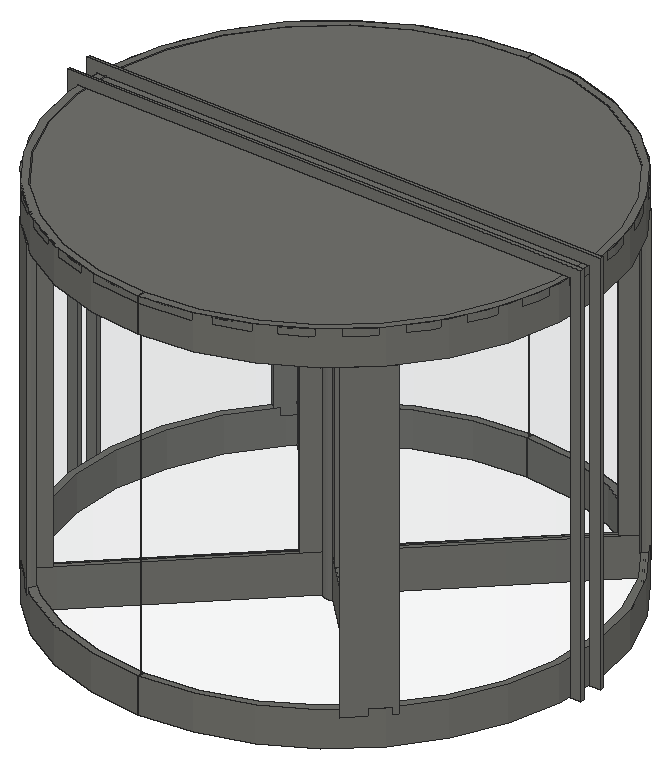
Revit family "DSP_A3-Revolving-Doors-3600mm", category Doors, host Wall, Revit 2016
Family settings
  Host = Wall
  Always vertical = Yes
  Cut with Voids When Loaded = No
  Shared = No
  Room Calculation Point = No
Parameters (values of type "Type 1")
  Function = Interior
  Frame Projection Ext. = 25.4 mm
  Frame Projection Int. = 25.4 mm
  Frame Width = 76.2 mm
  Height = 2743.2 mm
  Wall Closure = By host
  Width = 2235.2 mm
  Assembly Code = ""
Reference planes
  plane 1 "Center (Front/Back)": y = 0
  plane 2 "Center (Left/Right)": x = 0
  plane 3 "Left": x = -1117.6
  plane 4 "Right": x = 1117.6
  plane 5 "Top": z = 2743.2
  plane 6: z = 203.2
  plane 7: z = 1371.6
  plane 8: through (0, 0, 0) normal (-0.7071, -0.7071, 0)
  plane 9: through (0, 0, 0) normal (0.7071, -0.7071, 0)
Forms (mm)
  Extrusion 1, solid, material "Aluminium"
    sketch origin (-1620.573, 76.2, 0) x (-1, 0, 0) y (0, 0, 1)
      loop
        line (-3420.573, 2743.2) -> (179.427, 2743.2) -> (179.427, 0) -> (255.627, 0) -> (255.627, 2819.4) -> (-3496.773, 2819.4) -> (-3496.773, 0) -> (-3420.573, 0) -> (-3420.573, 2743.2)
    from 0 to 25.4
  Extrusion 2, solid, material "Aluminium"
    sketch origin (-1620.573, -76.2, 0) x (1, 0, 0) y (0, 0, 1)
      loop
        line (-179.427, 2743.2) -> (3420.573, 2743.2) -> (3420.573, 0) -> (3496.773, 0) -> (3496.773, 2819.4) -> (-255.627, 2819.4) -> (-255.627, 0) -> (-179.427, 0) -> (-179.427, 2743.2)
    from 0 to 25.4
  Extrusion 3, solid, material "Aluminium"
    sketch origin (0, 0, 0) x (1, 0, 0) y (0, 1, 0)
      loop
        arc (-1144.536, 1388.645) -> (-1269.724, 1275.171) -> (-1383.717, 1150.455) r 1799.4
        line (-1383.717, 1150.455) -> (-1344.384, 1118.303)
        arc (-1344.384, 1118.303) -> (-1233.729, 1239.324) -> (-1112.223, 1349.447) r 1748.6
        line (-1112.223, 1349.447) -> (-1144.536, 1388.645)
    from 203.2 to 2489.2
  Sweep 4, solid, material "Aluminium"
    path origin (0, 0, 0) x (-1, 0, 0) y (0, -1, 0)
      loop
        arc (0, -1774.165) -> (1774, -0.165) -> (0, 1773.835) r 1774
    profile origin (0, 0.165, 0) x (1, 0, 0) y (0, 0, 1)
      loop
        line (-1799.4, 2743.2) -> (-1799.4, 2489.2) -> (-1748.6, 2489.2) -> (-1748.6, 2743.2) -> (-1799.4, 2743.2)
  Extrusion 5, solid, material "Glass"
    sketch origin (0, 0, 0) x (1, 0, 0) y (0, 1, 0)
      loop
        line (0, 1768.165) -> (0, 1780.165)
        arc (0, 1780.165) -> (-1780, 0.165) -> (0, -1779.835) r 1780
        line (0, -1779.835) -> (0, -1767.835)
        arc (0, -1767.835) -> (-1768, 0.165) -> (0, 1768.165) r 1768
    from 203.2 to 2489.2
  Extrusion 6, solid, material "Aluminium"
    sketch origin (0, 0, 0) x (1, 0, 0) y (0, 1, 0)
      loop
        circle (0, 0.165) r 1799.4
    from 2692.4 to 2743.2
  Extrusion 7, solid, material "Aluminium"
    sketch origin (0, 0.195, 0) x (1, 0, 0) y (0, 1, 0)
      loop
        line (-1144.47, -1388.565) -> (-1112.157, -1349.367)
        arc (-1112.157, -1349.367) -> (-1233.662, -1239.256) -> (-1344.318, -1118.248) r 1748.6
        line (-1344.318, -1118.248) -> (-1383.65, -1150.401)
        arc (-1383.65, -1150.401) -> (-1269.657, -1275.103) -> (-1144.47, -1388.565) r 1799.4
    from 203.2 to 2489.2
  Extrusion 8, solid, material "Aluminium"
    sketch origin (0, 0, 0) x (1, 0, 0) y (0, 1, 0)
      loop
        line (-1215.825, 1251.978) -> (-1251.86, 1215.943) -> (-76.082, 40.165) -> (-40.047, 76.2) -> (-1215.825, 1251.978)
    from 12.7 to 292.1
  Extrusion 9, solid, material "Aluminium"
    sketch origin (0, 0, 0) x (1, 0, 0) y (0, 1, 0)
      loop
        line (-1215.825, 1251.978) -> (-1251.86, 1215.943) -> (-76.082, 40.165) -> (-40.047, 76.2) -> (-1215.825, 1251.978)
    from 2476.5 to 2679.7
  Extrusion 10, solid, material "Aluminium"
    sketch origin (0, 0, 0) x (1, 0, 0) y (0, 1, 0)
      loop
        line (-75.968, 40.279) -> (-40.163, 76.084) -> (-126.877, 162.798) -> (-162.682, 126.993) -> (-75.968, 40.279)
      loop
        line (-1215.825, 1251.978) -> (-1251.746, 1216.057) -> (-1166.831, 1131.142) -> (-1130.91, 1167.063) -> (-1215.825, 1251.978)
    from 292.1 to 2476.5
  Extrusion 11, solid, material "Glass"
    sketch origin (0, 0, 0) x (1, 0, 0) y (0, 1, 0)
      loop
        line (-1144.38, 1153.593) -> (-1153.361, 1144.612) -> (-149.21, 140.462) -> (-140.23, 149.442) -> (-1144.38, 1153.593)
    from 292.1 to 2463.8
  Extrusion 12, solid, material "Aluminium"
    sketch origin (0, 0, 0) x (1, 0, 0) y (0, 1, 0)
      loop
        circle (0, 0) r 76.365
      loop
        circle (0, 0) r 65.197
    from 0 to 2692.4
  Extrusion 13, solid, material "Aluminium"
    sketch origin (0, 0.195, 0) x (1, 0, 0) y (0, 1, 0)
      loop
        line (-1215.922, -1252.075) -> (-40.047, -76.2) -> (-75.968, -40.279) -> (-1251.844, -1216.154) -> (-1215.922, -1252.075)
    from 12.7 to 292.1
  Extrusion 14, solid, material "Aluminium"
    sketch origin (0, 0.195, 0) x (1, 0, 0) y (0, 1, 0)
      loop
        line (-1215.922, -1252.075) -> (-40.047, -76.2) -> (-75.968, -40.279) -> (-1251.844, -1216.154) -> (-1215.922, -1252.075)
    from 2476.5 to 2679.7
  Extrusion 15, solid, material "Aluminium"
    sketch origin (0, 0.195, 0) x (1, 0, 0) y (0, 1, 0)
      loop
        line (-75.968, -40.279) -> (-162.681, -126.992) -> (-126.778, -162.894) -> (-40.065, -76.182) -> (-75.968, -40.279)
      loop
        line (-1215.922, -1252.075) -> (-1131, -1167.153) -> (-1166.921, -1131.232) -> (-1251.844, -1216.154) -> (-1215.922, -1252.075)
    from 292.1 to 2476.5
  Extrusion 16, solid, material "Glass"
    sketch origin (0, 0.195, 0) x (1, 0, 0) y (0, 1, 0)
      loop
        line (-1144.47, -1153.682) -> (-140.23, -149.442) -> (-149.21, -140.462) -> (-1153.45, -1144.702) -> (-1144.47, -1153.682)
    from 292.1 to 2463.8
  Sweep 17, solid, material "Aluminium"
    path origin (0, 0, -2489.2) x (-1, 0, 0) y (0, -1, 0)
      loop
        arc (0, -1774.165) -> (1774, -0.165) -> (0, 1773.835) r 1774
    profile origin (0, 0.165, 0) x (1, 0, 0) y (0, 0, 1)
      loop
        line (-1799.4, 254) -> (-1799.4, 0) -> (-1748.6, 0) -> (-1748.6, 254) -> (-1799.4, 254)
  Extrusion 18, solid, material "Aluminium"
    sketch origin (0, 0, 0) x (-1, 0, 0) y (0, -1, 0)
      loop
        line (-1144.536, -1388.645) -> (-1112.223, -1349.447)
        arc (-1112.223, -1349.447) -> (-1233.729, -1239.324) -> (-1344.384, -1118.303) r 1748.6
        line (-1344.384, -1118.303) -> (-1383.717, -1150.455)
        arc (-1383.717, -1150.455) -> (-1269.724, -1275.171) -> (-1144.536, -1388.645) r 1799.4
    from 203.2 to 2489.2
  Sweep 19, solid, material "Aluminium"
    path origin (0, 0, 0) x (1, 0, 0) y (0, 1, 0)
      loop
        arc (0, 1774.165) -> (1774, 0.165) -> (0, -1773.835) r 1774
    profile origin (0, 0.165, 0) x (1, 0, 0) y (0, 0, 1)
      loop
        line (1799.4, 2743.2) -> (1748.6, 2743.2) -> (1748.6, 2489.2) -> (1799.4, 2489.2) -> (1799.4, 2743.2)
  Extrusion 20, solid, material "Glass"
    sketch origin (0, 0, 0) x (-1, 0, 0) y (0, -1, 0)
      loop
        arc (0, -1768.165) -> (-1768, -0.165) -> (0, 1767.835) r 1768
        line (0, 1767.835) -> (0, 1779.835)
        arc (0, 1779.835) -> (-1780, -0.165) -> (0, -1780.165) r 1780
        line (0, -1780.165) -> (0, -1768.165)
    from 203.2 to 2489.2
  Extrusion 21, solid, material "Aluminium"
    sketch origin (0, 0.195, 0) x (-1, 0, 0) y (0, -1, 0)
      loop
        arc (-1144.47, 1388.565) -> (-1269.657, 1275.103) -> (-1383.65, 1150.401) r 1799.4
        line (-1383.65, 1150.401) -> (-1344.318, 1118.248)
        arc (-1344.318, 1118.248) -> (-1233.662, 1239.256) -> (-1112.157, 1349.367) r 1748.6
        line (-1112.157, 1349.367) -> (-1144.47, 1388.565)
    from 203.2 to 2489.2
  Sweep 22, solid, material "Aluminium"
    path origin (0, 0, -2489.2) x (1, 0, 0) y (0, 1, 0)
      loop
        arc (0, 1774.165) -> (1774, 0.165) -> (0, -1773.835) r 1774
    profile origin (0, 0.165, 0) x (1, 0, 0) y (0, 0, 1)
      loop
        line (1799.4, 254) -> (1748.6, 254) -> (1748.6, 0) -> (1799.4, 0) -> (1799.4, 254)
  Extrusion 23, solid, material "Aluminium"
    sketch origin (0, 0, 0) x (-1, 0, 0) y (0, -1, 0)
      loop
        line (-1215.825, -1251.978) -> (-40.047, -76.2) -> (-76.082, -40.165) -> (-1251.86, -1215.943) -> (-1215.825, -1251.978)
    from 12.7 to 292.1
  Extrusion 24, solid, material "Aluminium"
    sketch origin (0, 0, 0) x (-1, 0, 0) y (0, -1, 0)
      loop
        line (-1251.746, -1216.056) -> (-1215.941, -1251.862) -> (-40.163, -76.084) -> (-75.968, -40.279) -> (-1251.746, -1216.056)
    from 2476.5 to 2679.7
  Extrusion 25, solid, material "Aluminium"
    sketch origin (0, 0, 0) x (-1, 0, 0) y (0, -1, 0)
      loop
        line (-75.968, -40.279) -> (-162.682, -126.993) -> (-126.877, -162.798) -> (-40.163, -76.084) -> (-75.968, -40.279)
      loop
        line (-1215.825, -1251.978) -> (-1130.91, -1167.063) -> (-1166.831, -1131.142) -> (-1251.746, -1216.057) -> (-1215.825, -1251.978)
    from 292.1 to 2476.5
  Extrusion 26, solid, material "Glass"
    sketch origin (0, 0, 0) x (-1, 0, 0) y (0, -1, 0)
      loop
        line (-1144.38, -1153.593) -> (-140.23, -149.442) -> (-149.21, -140.462) -> (-1153.361, -1144.612) -> (-1144.38, -1153.593)
    from 292.1 to 2463.8
  Extrusion 27, solid, material "Aluminium"
    sketch origin (0, 0, 0) x (-1, 0, 0) y (0, -1, 0)
      loop
        line (-1215.825, 1251.978) -> (-1251.86, 1215.943) -> (-76.082, 40.165) -> (-40.047, 76.2) -> (-1215.825, 1251.978)
    from 12.7 to 292.1
  Extrusion 28, solid, material "Aluminium"
    sketch origin (0, 0, 0) x (-1, 0, 0) y (0, -1, 0)
      loop
        line (-1251.746, 1216.056) -> (-75.968, 40.279) -> (-40.163, 76.084) -> (-1215.941, 1251.862) -> (-1251.746, 1216.056)
    from 2476.5 to 2679.7
  Extrusion 29, solid, material "Aluminium"
    sketch origin (0, 0, 0) x (-1, 0, 0) y (0, -1, 0)
      loop
        line (-75.968, 40.279) -> (-40.163, 76.084) -> (-126.877, 162.798) -> (-162.682, 126.993) -> (-75.968, 40.279)
      loop
        line (-1215.825, 1251.978) -> (-1251.746, 1216.057) -> (-1166.831, 1131.142) -> (-1130.91, 1167.063) -> (-1215.825, 1251.978)
    from 292.1 to 2476.5
  Extrusion 30, solid, material "Glass"
    sketch origin (0, 0, 0) x (-1, 0, 0) y (0, -1, 0)
      loop
        line (-1144.38, 1153.593) -> (-1153.361, 1144.612) -> (-149.21, 140.462) -> (-140.23, 149.442) -> (-1144.38, 1153.593)
    from 292.1 to 2463.8
Lines and regions (mm)
  Opening 1
    outline origin (-1620.573, -76.2, 0) x (1, 0, 0) y (0, 0, 1)
      loop
        line (-179.427, 0) -> (3420.573, 0) -> (3420.573, 2743.2) -> (-179.427, 2743.2) -> (-179.427, 0)
  symbolic lines, style "Elevation Swing"
    curve 1: line (1117.6, 76.2, 0) -> (-1117.6, 76.2, 1371.6)
    curve 2: line (-1117.6, 76.2, 1371.6) -> (1117.6, 76.2, 2743.2)
  symbolic lines
    curve 3: line (-855.768, 718.897, 0) -> (-816.866, 686.227, 0)
    curve 4: line (-855.768, -718.702, 0) -> (-816.866, -686.032, 0)
Text (mm)
  text "Exterior" at (-1490.41, 693.701, 0), in view "Floor Line"
  text "Interior" at (-1482.03, -638.649, 0), in view "Floor Line"
  text "Exterior" at (0, 1019.848, 3124.603), in view "Right"
  text "Interior" at (0, -1635.541, 3124.603), in view "Right"
  text "Interior" at (0, -787.806, 3124.376), in view "Left"
  text "Exterior" at (0, 1386.095, 3124.376), in view "Left"
Dimensions and locks
  equal spacing: plane 3 "Left", plane 2 "Center (Left/Right)", plane 4 "Right"
  "Height": level to plane 5 "Top"
  "Width": plane 3 "Left" to plane 4 "Right"
  "Frame Width": Extrusion 2 sketch curve to plane 5 "Top"
  "Frame Width": Extrusion 1 sketch curve to Extrusion 1 sketch curve  (x2)
  "Frame Width": Extrusion 1 sketch curve to plane 5 "Top"
  equal spacing: host wall, curve 2, plane 5 "Top"
  "Frame Projection Int.": Extrusion 2 to host wall
  "Frame Projection Ext.": Extrusion 1 to host wall
  Extrusion 8 sketch curve to plane 9 = 1745 mm
  plane 9 to Extrusion 8 sketch curve = 82.199 mm
  Extrusion 8 sketch curve to plane 8 = 25.397 mm
  plane 8 to Extrusion 8 sketch curve = 25.564 mm
  plane 9 to Extrusion 13 sketch curve = 25.374 mm
  Extrusion 13 sketch curve to plane 9 = 25.426 mm
  Extrusion 13 sketch curve to plane 8 = 82.061 mm
  plane 8 to Extrusion 13 sketch curve = 1745 mm
  Extrusion 7 sketch curve to plane 1 "Center (Front/Back)" = 1118.053 mm
  Extrusion 7 sketch curve to plane 2 "Center (Left/Right)" = 1344.318 mm
  Extrusion 7 sketch curve to plane 2 "Center (Left/Right)" = 1383.65 mm
  Extrusion 7 sketch curve to plane 1 "Center (Front/Back)" = 1150.206 mm
  Extrusion 3 sketch curve to plane 8 = 164.941 mm
  plane 9 to Extrusion 3 sketch curve = 1741.383 mm
  plane 9 to Extrusion 3 sketch curve = 1791.93 mm
  plane 1 "Center (Front/Back)" to Extrusion 11 sketch curve = 140.462 mm
  plane 1 "Center (Front/Back)" to Extrusion 11 sketch curve = 149.442 mm
  Extrusion 11 sketch curve to plane 2 "Center (Left/Right)" = 140.23 mm
  plane 1 "Center (Front/Back)" to Extrusion 11 sketch curve = 1144.612 mm
  plane 1 "Center (Front/Back)" to Extrusion 11 sketch curve = 1153.593 mm
  Extrusion 16 sketch curve to plane 1 "Center (Front/Back)" = 1153.487 mm
  Extrusion 16 sketch curve to plane 1 "Center (Front/Back)" = 1144.507 mm
  Extrusion 16 sketch curve to plane 2 "Center (Left/Right)" = 1144.47 mm
  Extrusion 16 sketch curve to plane 1 "Center (Front/Back)" = 140.267 mm
  Extrusion 14 sketch curve to plane 8 = 1745 mm
  plane 8 to Extrusion 14 sketch curve = 82.061 mm
  Extrusion 14 sketch curve to plane 9 to Extrusion 14 sketch curve = 25.426 mm, 25.374 mm
  plane 9 to Extrusion 9 sketch curve = 82.199 mm
  plane 9 to Extrusion 9 sketch curve = 1745 mm
  Extrusion 9 sketch curve to plane 8 to Extrusion 9 sketch curve = 25.397 mm, 25.564 mm
  plane 9 to Extrusion 10 sketch curve = 204.831 mm
  Extrusion 10 sketch curve to Extrusion 10 sketch curve = 122.632 mm
  plane 8 to Extrusion 10 sketch curve = 25.4 mm
  Extrusion 10 sketch curve to plane 8 = 25.236 mm  (x2)
  Extrusion 15 sketch curve to plane 8 = 82.061 mm
  Extrusion 15 sketch curve to plane 8 = 204.691 mm
  plane 9 to Extrusion 15 sketch curve = 25.374 mm
  Extrusion 15 sketch curve to plane 9 = 25.4 mm
  plane 3 "Left" to plane 4 "Right" = 2235.2 mm
  Extrusion 1 sketch curve to plane 2 "Center (Left/Right)" = 1800 mm
  Extrusion 10 to Extrusion 8 = 50.8 mm
  Extrusion 24 sketch curve to Extrusion 24 sketch curve = 50.636 mm
  Extrusion 25 sketch curve to Extrusion 25 sketch curve = 122.632 mm
  Extrusion 28 sketch curve to Extrusion 28 sketch curve = 50.636 mm
  Extrusion 29 sketch curve to Extrusion 29 sketch curve = 122.632 mm
  aligned and locked: plane 5 "Top" to Opening 1 sketch curve  (x2)
  aligned and locked: Opening 1 sketch curve to level
  aligned and locked: plane 5 "Top" to Extrusion 1 sketch curve  (x2)
  aligned and locked: level to Extrusion 1 sketch curve
  aligned and locked: Extrusion 1 to host wall
  aligned and locked: plane 5 "Top" to Extrusion 2 sketch curve
  aligned and locked: Extrusion 2 to host wall
  aligned and locked: plane 4 "Right" to curve 1
  aligned and locked: plane 3 "Left" to curve 1
  aligned and locked: plane 5 "Top" to curve 2
Automatic sketch dimensions
  curve 4 to plane 3 "Left" = 261.832 mm
  curve 3 to plane 3 "Left" = 261.832 mm
  curve 4 to curve 4 = 38.902 mm
  curve 3 to curve 3 = 38.902 mm
  host wall to curve 4 = 642.502 mm
  curve 4 to curve 4 = 32.67 mm
  host wall to curve 3 = 610.027 mm
  curve 3 to curve 3 = 32.67 mm
  curve 1 to level = 0 mm
  plane 4 "Right" to curve 2 = 0 mm
  plane 3 "Left" to Opening 1 sketch curve = 682.4 mm
  Opening 1 sketch curve to plane 4 "Right" = 682.4 mm
  Extrusion 1 sketch curve to level = 0 mm
  plane 3 "Left" to Extrusion 1 sketch curve = 682.4 mm
  Extrusion 2 sketch curve to level = 0 mm  (x2)
  plane 3 "Left" to Extrusion 2 sketch curve = 758.6 mm
  Extrusion 2 sketch curve to Extrusion 2 sketch curve = 76.2 mm  (x2)
  Extrusion 2 sketch curve to plane 4 "Right" = 682.4 mm
  Extrusion 3 sketch curve to Extrusion 3 sketch curve = 0 mm  (x2)
  Extrusion 3 sketch curve to plane 2 "Center (Left/Right)" = 0 mm
  Extrusion 3 sketch curve to Extrusion 3 sketch curve = 39.332 mm
  plane 3 "Left" to Extrusion 3 sketch curve = 26.936 mm
  Extrusion 3 sketch curve to plane 3 "Left" = 5.377 mm
  Extrusion 3 sketch curve to host wall = 0.165 mm
  Sweep 4 sketch curve to plane 2 "Center (Left/Right)" = 0 mm
  Sweep 4 sketch curve to plane 1 "Center (Front/Back)" = 1774.165 mm
  Sweep 4 sketch curve to plane 1 "Center (Front/Back)" = 0.165 mm
  profile plane to Sweep 4 sketch curve = 25.4 mm
  Sweep 4 sketch curve to profile plane = 25.4 mm
  Sweep 4 sketch curve to Sweep 4 sketch curve = 254 mm
  Extrusion 5 sketch curve to Extrusion 5 sketch curve = 0 mm  (x2)
  Extrusion 5 sketch curve to plane 2 "Center (Left/Right)" = 0 mm
  host wall to Extrusion 5 sketch curve = 1703.635 mm
  Extrusion 5 sketch curve to Extrusion 5 sketch curve = 12 mm
  Extrusion 5 sketch curve to host wall = 0.165 mm
  Extrusion 6 sketch curve to Extrusion 6 sketch curve = 0 mm  (x2)
  Extrusion 6 sketch curve to plane 2 "Center (Left/Right)" = 0 mm
  Extrusion 6 sketch curve to host wall = 0.165 mm
  plane 3 "Left" to Extrusion 6 sketch curve = 681.8 mm
  Extrusion 7 sketch curve to Extrusion 7 sketch curve = 0 mm  (x2)
  Extrusion 7 sketch curve to plane 2 "Center (Left/Right)" = 0 mm
  plane 3 "Left" to Extrusion 7 sketch curve = 26.87 mm
  Extrusion 7 sketch curve to plane 3 "Left" = 5.443 mm
  Extrusion 7 sketch curve to Extrusion 7 sketch curve = 231.118 mm
  plane 3 "Left" to Extrusion 10 sketch curve = 13.31 mm
  plane 3 "Left" to Extrusion 10 sketch curve = 49.231 mm
  plane 3 "Left" to Extrusion 10 sketch curve = 98.225 mm
  Extrusion 11 sketch curve to Extrusion 11 sketch curve = 8.98 mm
  Extrusion 12 sketch curve to Extrusion 12 sketch curve = 0 mm  (x12)
  host wall to Extrusion 12 sketch curve = 0 mm
  Extrusion 12 sketch curve to plane 2 "Center (Left/Right)" = 0 mm
  Extrusion 12 sketch curve to Extrusion 12 sketch curve = 65.197 mm
  Extrusion 12 sketch curve to Extrusion 12 sketch curve = 11.168 mm
  plane 3 "Left" to Extrusion 15 sketch curve = 13.4 mm
  plane 3 "Left" to Extrusion 15 sketch curve = 49.321 mm
  plane 3 "Left" to Extrusion 15 sketch curve = 98.322 mm
  host wall to Extrusion 15 sketch curve = 1131.036 mm
  Extrusion 15 sketch curve to Extrusion 15 sketch curve = 35.921 mm
  Extrusion 16 sketch curve to Extrusion 16 sketch curve = 8.98 mm
  Sweep 17 sketch curve to plane 2 "Center (Left/Right)" = 0 mm
  Sweep 17 sketch curve to plane 1 "Center (Front/Back)" = 1774.165 mm
  Sweep 17 sketch curve to plane 1 "Center (Front/Back)" = 0.165 mm
  profile plane to Sweep 17 sketch curve = 25.4 mm
  Sweep 17 sketch curve to profile plane = 25.4 mm
  Sweep 17 sketch curve to Sweep 17 sketch curve = 254 mm
  Extrusion 18 sketch curve to Extrusion 18 sketch curve = 0 mm  (x2)
  Extrusion 18 sketch curve to plane 2 "Center (Left/Right)" = 0 mm
  Extrusion 18 sketch curve to plane 4 "Right" = 5.377 mm
  plane 4 "Right" to Extrusion 18 sketch curve = 26.936 mm
  plane 4 "Right" to Extrusion 18 sketch curve = 226.784 mm
  Extrusion 18 sketch curve to Extrusion 18 sketch curve = 39.332 mm
  host wall to Extrusion 18 sketch curve = 0.165 mm
  Extrusion 18 sketch curve to host wall = 1042.103 mm
  Extrusion 18 sketch curve to Extrusion 18 sketch curve = 32.152 mm
  Sweep 19 sketch curve to plane 2 "Center (Left/Right)" = 0 mm
  plane 1 "Center (Front/Back)" to Sweep 19 sketch curve = 1773.835 mm
  Sweep 19 sketch curve to plane 1 "Center (Front/Back)" = 0.165 mm
  profile plane to Sweep 19 sketch curve = 25.4 mm
  Sweep 19 sketch curve to profile plane = 25.4 mm
  Sweep 19 sketch curve to Sweep 19 sketch curve = 254 mm
  Extrusion 20 sketch curve to Extrusion 20 sketch curve = 0 mm  (x2)
  Extrusion 20 sketch curve to plane 2 "Center (Left/Right)" = 0 mm
  Extrusion 20 sketch curve to host wall = 1703.635 mm
  Extrusion 20 sketch curve to Extrusion 20 sketch curve = 12 mm
  host wall to Extrusion 20 sketch curve = 0.165 mm
  Extrusion 21 sketch curve to Extrusion 21 sketch curve = 0 mm  (x2)
  Extrusion 21 sketch curve to plane 2 "Center (Left/Right)" = 0 mm
  plane 4 "Right" to Extrusion 21 sketch curve = 5.443 mm
  Extrusion 21 sketch curve to plane 4 "Right" = 26.87 mm
  Extrusion 21 sketch curve to plane 4 "Right" = 226.718 mm
  Extrusion 21 sketch curve to Extrusion 21 sketch curve = 39.332 mm
  Extrusion 21 sketch curve to host wall = 0.165 mm
  host wall to Extrusion 21 sketch curve = 1041.853 mm
  Extrusion 21 sketch curve to Extrusion 21 sketch curve = 32.152 mm
  Sweep 22 sketch curve to plane 2 "Center (Left/Right)" = 0 mm
  plane 1 "Center (Front/Back)" to Sweep 22 sketch curve = 1773.835 mm
  Sweep 22 sketch curve to plane 1 "Center (Front/Back)" = 0.165 mm
  profile plane to Sweep 22 sketch curve = 25.4 mm
  Sweep 22 sketch curve to profile plane = 25.4 mm
  Sweep 22 sketch curve to Sweep 22 sketch curve = 254 mm
  Extrusion 23 sketch curve to host wall = 0 mm
  plane 4 "Right" to Extrusion 23 sketch curve = 134.26 mm
  Extrusion 23 sketch curve to Extrusion 23 sketch curve = 36.035 mm
  host wall to Extrusion 23 sketch curve = 36.035 mm
  Extrusion 23 sketch curve to plane 2 "Center (Left/Right)" = 76.082 mm
  plane 4 "Right" to Extrusion 24 sketch curve = 134.146 mm
  Extrusion 24 sketch curve to Extrusion 24 sketch curve = 35.805 mm
  host wall to Extrusion 24 sketch curve = 35.921 mm
  Extrusion 24 sketch curve to plane 2 "Center (Left/Right)" = 75.968 mm
  plane 4 "Right" to Extrusion 25 sketch curve = 134.146 mm
  Extrusion 25 sketch curve to Extrusion 25 sketch curve = 35.921 mm  (x2)
  plane 4 "Right" to Extrusion 25 sketch curve = 49.231 mm
  Extrusion 25 sketch curve to host wall = 50.793 mm
  Extrusion 25 sketch curve to plane 2 "Center (Left/Right)" = 162.682 mm
  Extrusion 25 sketch curve to Extrusion 25 sketch curve = 35.805 mm
  host wall to Extrusion 25 sketch curve = 35.921 mm
  host wall to Extrusion 25 sketch curve = 1131.142 mm
  plane 4 "Right" to Extrusion 26 sketch curve = 35.761 mm
  Extrusion 26 sketch curve to Extrusion 26 sketch curve = 8.98 mm  (x2)
  Extrusion 26 sketch curve to host wall = 64.262 mm
  Extrusion 26 sketch curve to plane 2 "Center (Left/Right)" = 149.21 mm
  host wall to Extrusion 27 sketch curve = 0 mm
  Extrusion 27 sketch curve to plane 4 "Right" = 134.26 mm
  Extrusion 27 sketch curve to Extrusion 27 sketch curve = 36.035 mm
  Extrusion 27 sketch curve to host wall = 36.035 mm
  plane 2 "Center (Left/Right)" to Extrusion 27 sketch curve = 76.082 mm
  Extrusion 28 sketch curve to plane 4 "Right" = 134.146 mm
  Extrusion 28 sketch curve to Extrusion 28 sketch curve = 35.805 mm
  Extrusion 28 sketch curve to host wall = 35.921 mm
  plane 2 "Center (Left/Right)" to Extrusion 28 sketch curve = 75.968 mm
  Extrusion 29 sketch curve to plane 4 "Right" = 134.146 mm
  Extrusion 29 sketch curve to Extrusion 29 sketch curve = 35.921 mm  (x2)
  Extrusion 29 sketch curve to plane 4 "Right" = 49.231 mm
  host wall to Extrusion 29 sketch curve = 50.793 mm
  plane 2 "Center (Left/Right)" to Extrusion 29 sketch curve = 162.682 mm
  Extrusion 29 sketch curve to Extrusion 29 sketch curve = 35.805 mm
  Extrusion 29 sketch curve to host wall = 35.921 mm
  host wall to Extrusion 29 sketch curve = 1131.142 mm
  Extrusion 30 sketch curve to plane 4 "Right" = 35.761 mm
  Extrusion 30 sketch curve to Extrusion 30 sketch curve = 8.98 mm  (x2)
  host wall to Extrusion 30 sketch curve = 64.262 mm
  plane 2 "Center (Left/Right)" to Extrusion 30 sketch curve = 149.21 mm
